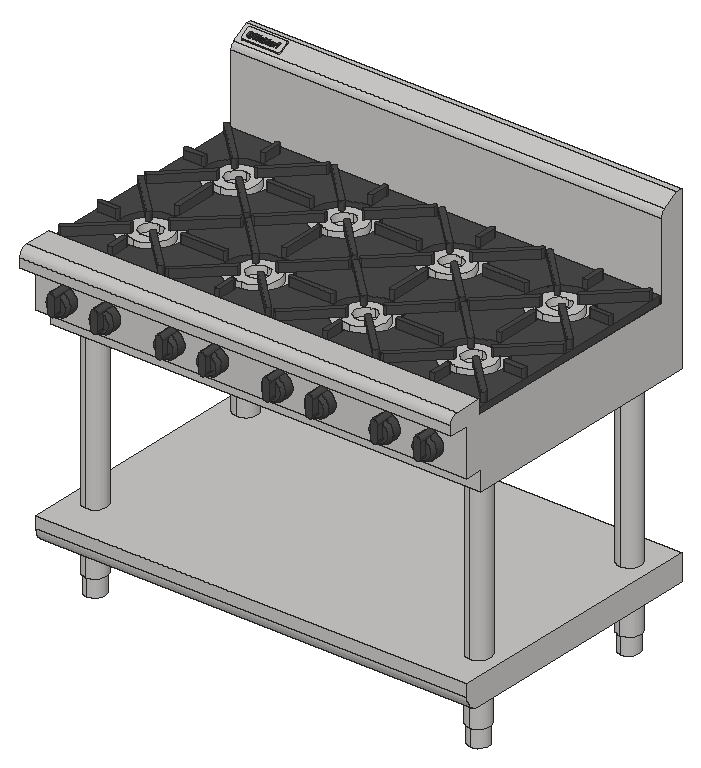
Revit family "QF_MOFFAT WALDORF_RN8800G-LS", category Specialty Equipment, Revit 2012 (continued)
Lines and regions (mm)
  symbolic lines
    curve 64: line (1009.563, -20.984, 0) -> (989.563, -20.984, 0)
    curve 65: arc (150, -153.418, 0) -> (234.082, -237.5, 0) -> (150, -321.582, 0) r 84.082
    curve 66: arc (150, -321.582, 0) -> (65.918, -237.5, 0) -> (150, -153.418, 0) r 84.082
    curve 67: arc (150, -294.5, 0) -> (207, -237.5, 0) -> (150, -180.5, 0) r 57
    curve 68: arc (150, -180.5, 0) -> (93, -237.5, 0) -> (150, -294.5, 0) r 57
    curve 69: arc (450, -321.582, 0) -> (365.918, -237.5, 0) -> (450, -153.418, 0) r 84.082
    curve 70: arc (450, -153.418, 0) -> (534.082, -237.5, 0) -> (450, -321.582, 0) r 84.082
    curve 71: arc (450, -180.5, 0) -> (393, -237.5, 0) -> (450, -294.5, 0) r 57
    curve 72: arc (450, -294.5, 0) -> (507, -237.5, 0) -> (450, -180.5, 0) r 57
    curve 73: arc (450, -621.582, 0) -> (365.918, -537.5, 0) -> (450, -453.418, 0) r 84.082
    curve 74: arc (450, -453.418, 0) -> (534.082, -537.5, 0) -> (450, -621.582, 0) r 84.082
    curve 75: arc (450, -480.5, 0) -> (393, -537.5, 0) -> (450, -594.5, 0) r 57
    curve 76: arc (450, -594.5, 0) -> (507, -537.5, 0) -> (450, -480.5, 0) r 57
    curve 77: arc (150, -453.418, 0) -> (234.082, -537.5, 0) -> (150, -621.582, 0) r 84.082
    curve 78: arc (150, -621.582, 0) -> (65.918, -537.5, 0) -> (150, -453.418, 0) r 84.082
    curve 79: arc (150, -594.5, 0) -> (207, -537.5, 0) -> (150, -480.5, 0) r 57
    curve 80: arc (150, -480.5, 0) -> (93, -537.5, 0) -> (150, -594.5, 0) r 57
    curve 81: arc (750, -153.418, 0) -> (834.082, -237.5, 0) -> (750, -321.582, 0) r 84.082
    curve 82: arc (750, -321.582, 0) -> (665.918, -237.5, 0) -> (750, -153.418, 0) r 84.082
    curve 83: arc (750, -294.5, 0) -> (807, -237.5, 0) -> (750, -180.5, 0) r 57
    curve 84: arc (750, -180.5, 0) -> (693, -237.5, 0) -> (750, -294.5, 0) r 57
    curve 85: arc (750, -453.418, 0) -> (834.082, -537.5, 0) -> (750, -621.582, 0) r 84.082
    curve 86: arc (750, -621.582, 0) -> (665.918, -537.5, 0) -> (750, -453.418, 0) r 84.082
    curve 87: arc (750, -594.5, 0) -> (807, -537.5, 0) -> (750, -480.5, 0) r 57
    curve 88: arc (750, -480.5, 0) -> (693, -537.5, 0) -> (750, -594.5, 0) r 57
    curve 89: arc (1050, -321.582, 0) -> (965.918, -237.5, 0) -> (1050, -153.418, 0) r 84.082
    curve 90: arc (1050, -153.418, 0) -> (1134.082, -237.5, 0) -> (1050, -321.582, 0) r 84.082
    curve 91: arc (1050, -294.5, 0) -> (1107, -237.5, 0) -> (1050, -180.5, 0) r 57
    curve 92: arc (1050, -180.5, 0) -> (993, -237.5, 0) -> (1050, -294.5, 0) r 57
    curve 93: arc (1050, -621.582, 0) -> (965.918, -537.5, 0) -> (1050, -453.418, 0) r 84.082
    curve 94: arc (1050, -453.418, 0) -> (1134.082, -537.5, 0) -> (1050, -621.582, 0) r 84.082
    curve 95: arc (1050, -480.5, 0) -> (993, -537.5, 0) -> (1050, -594.5, 0) r 57
    curve 96: arc (1050, -594.5, 0) -> (1107, -537.5, 0) -> (1050, -480.5, 0) r 57
    curve 97: line (149.548, -91.559, 0) -> (149.548, -150.474, 0)
    curve 98: line (292.985, -93.673, 0) -> (177.661, -208.996, 0)
    curve 99: line (6.308, -93.805, 0) -> (122.981, -210.478, 0)
    curve 100: line (4.051, -237.21, 0) -> (62.934, -237.21, 0)
    curve 101: line (237.206, -237.685, 0) -> (362.206, -237.685, 0)
    curve 102: line (177.414, -264.855, 0) -> (292.362, -379.803, 0)
    curve 103: line (121.919, -265.123, 0) -> (7.026, -380.016, 0)
    curve 104: line (149.925, -324.847, 0) -> (149.925, -444.847, 0)
    curve 105: line (149.548, -683.441, 0) -> (149.548, -624.526, 0)
    curve 106: line (292.985, -681.327, 0) -> (177.661, -566.004, 0)
    curve 107: line (6.308, -681.195, 0) -> (122.981, -564.522, 0)
    curve 108: line (4.051, -537.79, 0) -> (62.934, -537.79, 0)
    curve 109: line (237.206, -537.315, 0) -> (362.206, -537.315, 0)
    curve 110: line (177.414, -510.145, 0) -> (292.362, -395.197, 0)
    curve 111: line (121.919, -509.877, 0) -> (7.026, -394.984, 0)
    curve 112: line (450.452, -91.559, 0) -> (450.452, -150.474, 0)
    curve 113: line (307.015, -93.673, 0) -> (422.339, -208.996, 0)
    curve 114: line (593.692, -93.805, 0) -> (477.019, -210.478, 0)
    curve 115: line (422.586, -264.855, 0) -> (307.638, -379.803, 0)
    curve 116: line (478.081, -265.123, 0) -> (592.974, -380.016, 0)
    curve 117: line (450.075, -324.847, 0) -> (450.075, -444.847, 0)
    curve 118: line (450.452, -683.441, 0) -> (450.452, -624.526, 0)
    curve 119: line (307.015, -681.327, 0) -> (422.339, -566.004, 0)
    curve 120: line (593.692, -681.195, 0) -> (477.019, -564.522, 0)
    curve 121: line (362.794, -537.315, 0) -> (237.794, -537.315, 0)
    curve 122: line (422.586, -510.145, 0) -> (307.638, -395.197, 0)
    curve 123: line (478.081, -509.877, 0) -> (592.974, -394.984, 0)
    curve 124: arc (1050, -153.418, 0) -> (965.918, -237.5, 0) -> (1050, -321.582, 0) r 84.082
    curve 125: arc (1050, -321.582, 0) -> (1134.082, -237.5, 0) -> (1050, -153.418, 0) r 84.082
    curve 126: arc (1050, -294.5, 0) -> (993, -237.5, 0) -> (1050, -180.5, 0) r 57
    curve 127: arc (1050, -180.5, 0) -> (1107, -237.5, 0) -> (1050, -294.5, 0) r 57
    curve 128: arc (750, -321.582, 0) -> (834.082, -237.5, 0) -> (750, -153.418, 0) r 84.082
    curve 129: arc (750, -153.418, 0) -> (665.918, -237.5, 0) -> (750, -321.582, 0) r 84.082
    curve 130: arc (750, -180.5, 0) -> (807, -237.5, 0) -> (750, -294.5, 0) r 57
    curve 131: arc (750, -294.5, 0) -> (693, -237.5, 0) -> (750, -180.5, 0) r 57
    curve 132: arc (750, -621.582, 0) -> (834.082, -537.5, 0) -> (750, -453.418, 0) r 84.082
    curve 133: arc (750, -453.418, 0) -> (665.918, -537.5, 0) -> (750, -621.582, 0) r 84.082
    curve 134: arc (750, -480.5, 0) -> (807, -537.5, 0) -> (750, -594.5, 0) r 57
    curve 135: arc (750, -594.5, 0) -> (693, -537.5, 0) -> (750, -480.5, 0) r 57
    curve 136: arc (1050, -453.418, 0) -> (965.918, -537.5, 0) -> (1050, -621.582, 0) r 84.082
    curve 137: arc (1050, -621.582, 0) -> (1134.082, -537.5, 0) -> (1050, -453.418, 0) r 84.082
    curve 138: arc (1050, -594.5, 0) -> (993, -537.5, 0) -> (1050, -480.5, 0) r 57
    curve 139: arc (1050, -480.5, 0) -> (1107, -537.5, 0) -> (1050, -594.5, 0) r 57
    curve 140: line (1050.452, -91.559, 0) -> (1050.452, -150.474, 0)
    curve 141: line (907.015, -93.673, 0) -> (1022.339, -208.996, 0)
    curve 142: line (1195.949, -237.21, 0) -> (1137.066, -237.21, 0)
    curve 143: line (962.794, -237.685, 0) -> (837.794, -237.685, 0)
    curve 144: line (1022.586, -264.855, 0) -> (907.638, -379.803, 0)
    curve 145: line (1078.081, -265.123, 0) -> (1192.974, -380.016, 0)
    curve 146: line (1050.075, -324.847, 0) -> (1050.075, -444.847, 0)
    curve 147: line (1050.452, -683.441, 0) -> (1050.452, -624.526, 0)
    curve 148: line (907.015, -681.327, 0) -> (1022.339, -566.004, 0)
    curve 149: line (1193.692, -681.195, 0) -> (1077.019, -564.522, 0)
    curve 150: line (1195.949, -537.79, 0) -> (1137.066, -537.79, 0)
    curve 151: line (962.794, -537.315, 0) -> (837.794, -537.315, 0)
    curve 152: line (1022.586, -510.145, 0) -> (907.638, -395.197, 0)
    curve 153: line (1078.081, -509.877, 0) -> (1192.974, -394.984, 0)
    curve 154: line (749.548, -91.559, 0) -> (749.548, -150.474, 0)
    curve 155: line (892.985, -93.673, 0) -> (777.661, -208.996, 0)
    curve 156: line (606.308, -93.805, 0) -> (722.981, -210.478, 0)
    curve 157: line (777.414, -264.855, 0) -> (892.362, -379.803, 0)
    curve 158: line (721.919, -265.123, 0) -> (607.026, -380.016, 0)
    curve 159: line (749.925, -324.847, 0) -> (749.925, -444.847, 0)
    curve 160: line (749.548, -683.441, 0) -> (749.548, -624.526, 0)
    curve 161: line (892.985, -681.327, 0) -> (777.661, -566.004, 0)
    curve 162: line (606.308, -681.195, 0) -> (722.981, -564.522, 0)
    curve 163: line (837.206, -537.315, 0) -> (962.206, -537.315, 0)
    curve 164: line (777.414, -510.145, 0) -> (892.362, -395.197, 0)
    curve 165: line (721.919, -509.877, 0) -> (607.026, -394.984, 0)
    curve 166: line (1192.985, -93.673, 0) -> (1077.661, -208.996, 0)
    curve 167: line (537.5, -237.685, 0) -> (662.5, -237.685, 0)
    curve 168: line (663.089, -537.315, 0) -> (538.089, -537.315, 0)
    curve 169: line (0, -387.5, 0) -> (1200, -387.5, 0)
    curve 170: line (300.379, -70, 0) -> (300.379, -705, 0)
    curve 171: line (600, -70, 0) -> (600, -705, 0)
    curve 172: line (900, -70, 0) -> (900, -705, 0)
    curve 173: line (1200, -805, 0) -> (1200, 0, 0)
    curve 174: line (0, -805, 0) -> (1200, -805, 0)
    curve 175: line (0, 0, 0) -> (0, -805, 0)
    curve 176: line (1200, -705, 0) -> (0, -705, 0)
    curve 177: line (0, -70, 0) -> (1200, -70, 0)
    curve 178: line (1200, 0, 0) -> (0, 0, 0)
    curve 179: arc (150, -207.5, 0) -> (180, -237.5, 0) -> (150, -267.5, 0) r 30
    curve 180: arc (150, -267.5, 0) -> (120, -237.5, 0) -> (150, -207.5, 0) r 30
    curve 181: arc (450, -267.5, 0) -> (420, -237.5, 0) -> (450, -207.5, 0) r 30
    curve 182: arc (450, -207.5, 0) -> (480, -237.5, 0) -> (450, -267.5, 0) r 30
    curve 183: arc (750, -207.5, 0) -> (780, -237.5, 0) -> (750, -267.5, 0) r 30
    curve 184: arc (750, -267.5, 0) -> (720, -237.5, 0) -> (750, -207.5, 0) r 30
    curve 185: arc (1050, -267.5, 0) -> (1020, -237.5, 0) -> (1050, -207.5, 0) r 30
    curve 186: arc (1050, -207.5, 0) -> (1080, -237.5, 0) -> (1050, -267.5, 0) r 30
    curve 187: arc (1050, -567.5, 0) -> (1020, -537.5, 0) -> (1050, -507.5, 0) r 30
    curve 188: arc (1050, -507.5, 0) -> (1080, -537.5, 0) -> (1050, -567.5, 0) r 30
    curve 189: arc (750, -567.5, 0) -> (720, -537.5, 0) -> (750, -507.5, 0) r 30
    curve 190: arc (750, -507.5, 0) -> (780, -537.5, 0) -> (750, -567.5, 0) r 30
    curve 191: arc (450, -507.5, 0) -> (480, -537.5, 0) -> (450, -567.5, 0) r 30
    curve 192: arc (450, -567.5, 0) -> (420, -537.5, 0) -> (450, -507.5, 0) r 30
    curve 193: arc (150, -507.5, 0) -> (180, -537.5, 0) -> (150, -567.5, 0) r 30
    curve 194: arc (150, -567.5, 0) -> (120, -537.5, 0) -> (150, -507.5, 0) r 30
Dimensions and locks
  equal spacing: plane 3 "LEFT", plane 7 "Center Y", plane 4 "RIGHT"
  plane 3 "LEFT" to plane 4 "RIGHT" = 1200.0 mm
  equal spacing: plane 5 "FRONT", plane 8 "Center X", plane 1 "BACK"
  plane 5 "FRONT" to plane 1 "BACK" = 805.0 mm
  "Base Height": plane 9 "Base Height" to level
  plane 6 "TOP" to level = 1130.0 mm
  plane 10 to plane 11 = 1069.0 mm
  "Body Height": plane 12 to level
  Extrusion 7 sketch curve to plane 13 = 64.8 mm
  Revolve 13 sketch curve to Revolve 13 sketch curve to Revolve 15 = 11.0 mm locked, 23.0 mm locked
  level to Extrusion 4 = 655.0 mm
  aligned and locked: level to plane 2
  aligned and locked: Extrusion 1 to Revolve 13 sketch curve
  aligned and locked: Extrusion 25 to Extrusion 1
Automatic sketch dimensions
  curve 65 to curve 67 = 0.0 mm  (x2)
  curve 69 to curve 71 = 0.0 mm  (x2)
  curve 73 to curve 75 = 0.0 mm
  curve 74 to curve 76 = 0.0 mm
  curve 77 to curve 79 = 0.0 mm  (x2)
  curve 81 to curve 83 = 0.0 mm  (x2)
  curve 81 to curve 128 = 0.0 mm  (x3)
  curve 81 to curve 130 = 0.0 mm  (x2)
  curve 85 to curve 87 = 0.0 mm  (x2)
  curve 85 to curve 132 = 0.0 mm
  curve 85 to curve 134 = 0.0 mm  (x2)
  curve 86 to curve 133 = 0.0 mm
  curve 89 to curve 91 = 0.0 mm  (x2)
  curve 90 to curve 127 = 0.0 mm
  curve 91 to curve 126 = 0.0 mm  (x2)
  curve 93 to curve 95 = 0.0 mm  (x2)
  curve 94 to curve 136 = 0.0 mm
  curve 96 to curve 139 = 0.0 mm
  curve 125 to curve 127 = 0.0 mm  (x2)
  curve 137 to curve 139 = 0.0 mm  (x2)
  curve 171 to plane 7 "Center Y" = 0.0 mm
  curve 169 to plane 4 "RIGHT" = 0.0 mm
  plane 3 "LEFT" to curve 100 = 4.051 mm
  plane 3 "LEFT" to curve 108 = 4.051 mm
  plane 3 "LEFT" to curve 107 = 6.308 mm
  plane 3 "LEFT" to curve 99 = 6.308 mm
  plane 3 "LEFT" to curve 111 = 7.026 mm
  plane 3 "LEFT" to curve 103 = 7.026 mm
  plane 3 "LEFT" to curve 3 = 12.5 mm
  curve 100 to plane 11 = 2.066 mm
  curve 108 to plane 11 = 2.066 mm
  plane 11 to curve 4 = 56.5 mm
  plane 11 to curve 103 = 56.919 mm
  plane 11 to curve 111 = 56.919 mm
  curve 111 to curve 107 = 1.062 mm
  curve 103 to curve 99 = 1.062 mm
  curve 99 to curve 97 = 26.567 mm
  plane 11 to curve 105 = 84.548 mm
  curve 2 to curve 5 = 28.062 mm
  curve 103 to curve 104 = 28.006 mm
  curve 104 to curve 80 = 0.075 mm
  curve 104 to curve 68 = 0.075 mm
  curve 5 to curve 7 = 20.0 mm
  curve 65 to curve 102 = 27.414 mm
  curve 77 to curve 110 = 27.414 mm
  curve 67 to curve 98 = 27.661 mm
  curve 79 to curve 106 = 27.661 mm
  curve 6 to curve 9 = 40.0 mm
  curve 9 to curve 12 = 20.0 mm
  curve 102 to curve 101 = 59.792 mm
  curve 110 to curve 109 = 59.792 mm
  curve 109 to curve 121 = 0.589 mm  (x2)
  curve 10 to curve 13 = 40.0 mm
  curve 13 to curve 16 = 20.0 mm
  plane 8 "Center X" to curve 110 = 7.303 mm
  curve 104 to curve 110 = 142.437 mm
  plane 8 "Center X" to curve 102 = 22.697 mm
  curve 102 to curve 110 = 0.0 mm
  curve 105 to curve 106 = 143.437 mm
  plane 1 "BACK" to curve 98 = 93.673 mm
  curve 14 to curve 98 = 3.422 mm
  curve 14 to curve 170 = 10.817 mm
  curve 98 to curve 113 = 14.03 mm
  curve 106 to curve 119 = 14.03 mm
  plane 8 "Center X" to curve 122 = 7.303 mm
  curve 110 to curve 122 = 15.277 mm
  plane 8 "Center X" to curve 115 = 22.697 mm
  curve 102 to curve 115 = 15.277 mm
  curve 15 to curve 20 = 40.0 mm
  curve 17 to curve 19 = 20.0 mm
  curve 101 to curve 101 = 125.0 mm
  curve 121 to curve 109 = 124.411 mm
  curve 19 to curve 22 = 40.0 mm
  curve 21 to curve 23 = 20.0 mm
  curve 101 to curve 113 = 60.133 mm
  curve 121 to curve 119 = 59.544 mm
  curve 113 to curve 115 = 0.248 mm
  curve 119 to curve 122 = 0.248 mm
  curve 22 to curve 25 = 40.0 mm
  curve 122 to curve 73 = 27.414 mm
  curve 113 to curve 72 = 27.661 mm
  curve 74 to curve 117 = 0.075 mm
  curve 70 to curve 112 = 0.452 mm
  curve 73 to curve 118 = 0.452 mm
  curve 25 to curve 27 = 20.0 mm
  curve 73 to curve 120 = 27.019 mm
  curve 69 to curve 114 = 27.019 mm
  curve 73 to curve 123 = 28.081 mm
  curve 69 to curve 116 = 28.081 mm
  curve 26 to curve 30 = 40.0 mm
  curve 29 to curve 31 = 20.0 mm
  curve 167 to plane 7 "Center Y" = 62.5 mm
  curve 168 to plane 7 "Center Y" = 61.911 mm
  curve 33 to plane 7 "Center Y" = 30.437 mm
  curve 35 to plane 7 "Center Y" = 10.437 mm
  curve 123 to plane 7 "Center Y" = 7.026 mm
  curve 116 to plane 7 "Center Y" = 7.026 mm
  curve 120 to plane 7 "Center Y" = 6.308 mm
  curve 114 to plane 7 "Center Y" = 6.308 mm
  plane 7 "Center Y" to curve 156 = 6.308 mm
  plane 7 "Center Y" to curve 162 = 6.308 mm
  plane 7 "Center Y" to curve 165 = 7.026 mm
  plane 7 "Center Y" to curve 158 = 7.026 mm
  plane 7 "Center Y" to curve 37 = 29.563 mm
  curve 37 to curve 38 = 20.0 mm
  plane 7 "Center Y" to curve 167 = 62.5 mm
  plane 7 "Center Y" to curve 168 = 63.089 mm
  curve 38 to curve 41 = 40.0 mm
  curve 41 to curve 43 = 20.0 mm
  curve 167 to curve 158 = 59.419 mm
  curve 168 to curve 165 = 58.83 mm
  curve 158 to curve 156 = 1.062 mm
  curve 165 to curve 162 = 1.062 mm
  curve 162 to curve 160 = 26.567 mm
  curve 156 to curve 154 = 26.567 mm
  curve 43 to curve 45 = 40.0 mm
  curve 158 to curve 159 = 28.006 mm
  curve 159 to curve 128 = 0.075 mm
  curve 162 to curve 133 = 27.019 mm
  curve 45 to curve 47 = 20.0 mm
  curve 85 to curve 164 = 27.414 mm
  curve 81 to curve 157 = 27.414 mm
  curve 84 to curve 155 = 27.661 mm
  curve 134 to curve 161 = 27.661 mm
  curve 47 to curve 50 = 40.0 mm
  curve 49 to curve 51 = 20.0 mm
  curve 164 to curve 163 = 59.792 mm
  curve 163 to curve 151 = 0.589 mm  (x2)
  curve 157 to curve 143 = 60.381 mm
  curve 51 to curve 53 = 40.0 mm
  curve 53 to curve 55 = 20.0 mm
  plane 8 "Center X" to curve 164 = 7.303 mm
  curve 159 to curve 164 = 142.437 mm
  plane 8 "Center X" to curve 157 = 22.697 mm
  curve 157 to curve 164 = 0.0 mm
  curve 160 to curve 161 = 143.437 mm
  plane 1 "BACK" to curve 155 = 93.673 mm
  curve 54 to curve 155 = 3.422 mm
  curve 54 to curve 172 = 10.438 mm
  curve 161 to curve 148 = 14.03 mm
  plane 1 "BACK" to curve 141 = 93.673 mm
  curve 155 to curve 141 = 14.03 mm
  plane 8 "Center X" to curve 144 = 22.697 mm
  curve 157 to curve 144 = 15.277 mm
  plane 8 "Center X" to curve 152 = 7.303 mm
  curve 164 to curve 152 = 15.277 mm
  curve 55 to curve 58 = 40.0 mm
  curve 57 to curve 60 = 20.0 mm
  curve 151 to curve 163 = 124.411 mm
  curve 143 to curve 143 = 125.0 mm
  curve 59 to curve 62 = 40.0 mm
  curve 61 to curve 63 = 20.0 mm
  curve 143 to curve 141 = 59.544 mm
  curve 151 to curve 148 = 59.544 mm
  curve 148 to curve 152 = 0.248 mm
  curve 141 to curve 144 = 0.248 mm
  curve 148 to curve 139 = 27.661 mm
  curve 144 to curve 92 = 27.414 mm
  curve 125 to curve 146 = 0.075 mm
  curve 137 to curve 147 = 0.452 mm
  curve 62 to curve 140 = 40.89 mm
  curve 136 to curve 149 = 27.019 mm
  curve 126 to curve 166 = 27.661 mm
  curve 136 to curve 153 = 28.081 mm
  curve 124 to curve 145 = 28.081 mm
  plane 10 to curve 150 = 3.066 mm
  plane 10 to curve 142 = 3.066 mm
  plane 4 "RIGHT" to curve 145 = 7.026 mm
  plane 4 "RIGHT" to curve 153 = 7.026 mm
  plane 4 "RIGHT" to curve 166 = 7.015 mm
  plane 4 "RIGHT" to curve 149 = 6.308 mm
  plane 4 "RIGHT" to curve 150 = 4.051 mm
  plane 4 "RIGHT" to curve 142 = 4.051 mm
  curve 159 to plane 8 "Center X" = 42.347 mm
  curve 146 to plane 8 "Center X" = 42.347 mm
  curve 117 to plane 8 "Center X" = 42.347 mm
  curve 104 to plane 8 "Center X" = 42.347 mm
  curve 94 to curve 146 = 8.57 mm
  curve 73 to curve 117 = 8.57 mm
  curve 86 to curve 159 = 8.57 mm
  curve 137 to curve 94 = 0.0 mm
  curve 77 to curve 104 = 8.57 mm
  curve 133 to curve 86 = 0.0 mm
  curve 79 to curve 77 = 27.082 mm
  curve 96 to curve 93 = 27.082 mm
  curve 88 to curve 85 = 27.082 mm
  curve 75 to curve 73 = 27.082 mm
  curve 139 to curve 95 = 0.0 mm
  curve 135 to curve 87 = 0.0 mm
  curve 153 to curve 138 = 29.377 mm
  curve 123 to curve 75 = 29.377 mm
  curve 111 to curve 79 = 29.377 mm
  curve 165 to curve 134 = 29.377 mm
  curve 152 to curve 95 = 29.645 mm
  curve 122 to curve 76 = 29.645 mm
  curve 110 to curve 79 = 29.645 mm
  curve 164 to curve 88 = 29.645 mm
  curve 168 to curve 165 = 27.439 mm
  curve 151 to curve 164 = 27.171 mm
  curve 109 to curve 110 = 27.171 mm
  curve 163 to curve 151 = 0.0 mm
  curve 109 to curve 121 = 0.0 mm
  curve 73 to curve 122 = 27.355 mm
  curve 133 to curve 164 = 27.355 mm
  curve 95 to curve 152 = 27.355 mm
  curve 77 to curve 110 = 27.355 mm
  curve 150 to curve 153 = 27.913 mm
  curve 108 to curve 111 = 27.913 mm
  curve 149 to curve 136 = 27.022 mm
  curve 107 to curve 77 = 27.022 mm
  curve 120 to curve 73 = 27.022 mm
  curve 162 to curve 85 = 27.022 mm
  curve 95 to curve 148 = 28.496 mm
  curve 79 to curve 106 = 28.496 mm
  curve 75 to curve 119 = 28.496 mm
  curve 134 to curve 161 = 28.496 mm
  curve 118 to curve 74 = 2.944 mm
  curve 160 to curve 133 = 2.944 mm
  curve 105 to curve 78 = 2.944 mm
  curve 147 to curve 137 = 2.944 mm
  curve 107 to plane 5 "FRONT" = 123.805 mm
  curve 120 to curve 162 = 0.0 mm
  curve 149 to plane 5 "FRONT" = 123.805 mm
  curve 161 to curve 148 = 0.0 mm
  curve 106 to plane 5 "FRONT" = 123.673 mm
  curve 106 to curve 119 = 0.0 mm
  curve 105 to curve 105 = 58.914 mm
  curve 147 to curve 147 = 58.914 mm
  curve 118 to curve 118 = 58.914 mm
  curve 160 to curve 160 = 58.914 mm
  curve 172 to curve 148 = 23.673 mm
  curve 170 to curve 119 = 23.673 mm
  curve 171 to curve 162 = 23.805 mm
  plane 8 "Center X" to curve 123 = 7.516 mm
  plane 8 "Center X" to curve 153 = 7.516 mm
  plane 8 "Center X" to curve 165 = 7.516 mm
  plane 8 "Center X" to curve 111 = 7.516 mm
  curve 153 to curve 169 = 7.484 mm
  curve 165 to curve 158 = 14.968 mm
  curve 169 to curve 103 = 7.484 mm
  curve 169 to curve 145 = 7.484 mm
  curve 116 to curve 158 = 0.0 mm
  plane 8 "Center X" to curve 117 = 77.653 mm
  plane 8 "Center X" to curve 104 = 77.653 mm
  plane 8 "Center X" to curve 159 = 77.653 mm
  plane 8 "Center X" to curve 146 = 77.653 mm
  curve 104 to curve 65 = 3.265 mm
  curve 159 to curve 128 = 3.265 mm
  curve 146 to curve 90 = 3.265 mm
  curve 117 to curve 70 = 3.265 mm
  curve 125 to curve 90 = 0.0 mm
  curve 81 to curve 130 = 27.082 mm
  curve 84 to curve 131 = 0.0 mm
  curve 89 to curve 126 = 27.082 mm
  curve 65 to curve 68 = 27.082 mm
  curve 69 to curve 72 = 27.082 mm
  curve 127 to curve 145 = 29.377 mm
  curve 84 to curve 158 = 29.377 mm
  curve 68 to curve 103 = 29.377 mm
  curve 72 to curve 116 = 29.377 mm
  curve 130 to curve 157 = 29.645 mm
  curve 92 to curve 144 = 29.645 mm
  curve 67 to curve 102 = 29.645 mm
  curve 71 to curve 115 = 29.645 mm
  curve 102 to curve 101 = 27.171 mm
  curve 157 to curve 143 = 27.171 mm
  curve 116 to curve 167 = 27.439 mm
  curve 102 to curve 68 = 27.355 mm
  curve 115 to curve 69 = 27.355 mm
  curve 157 to curve 83 = 27.355 mm
  curve 144 to curve 127 = 27.355 mm
  curve 103 to curve 100 = 27.913 mm
  curve 145 to curve 142 = 27.913 mm
  curve 81 to curve 156 = 27.022 mm
  curve 69 to curve 114 = 27.022 mm
  curve 65 to curve 99 = 27.022 mm
  curve 166 to curve 126 = 28.496 mm
  curve 98 to curve 67 = 28.496 mm
  curve 113 to curve 72 = 28.496 mm
  curve 155 to curve 84 = 28.496 mm
  curve 141 to curve 91 = 28.496 mm
  curve 82 to curve 154 = 2.944 mm
  curve 66 to curve 97 = 2.944 mm
  curve 125 to curve 140 = 2.944 mm
  curve 70 to curve 112 = 2.944 mm
  plane 1 "BACK" to curve 99 = 93.805 mm
  curve 114 to curve 156 = 0.0 mm
  plane 1 "BACK" to curve 166 = 93.673 mm
  curve 97 to curve 97 = 58.914 mm
  curve 112 to curve 112 = 58.914 mm
  curve 154 to curve 154 = 58.914 mm
  curve 140 to curve 140 = 58.914 mm
  curve 156 to curve 171 = 23.805 mm
  curve 141 to curve 172 = 23.673 mm
  curve 113 to curve 170 = 23.673 mm
  curve 97 to curve 2 = 39.499 mm
  curve 170 to curve 18 = 19.218 mm
  plane 1 "BACK" to curve 41 = 50.782 mm
  plane 1 "BACK" to curve 62 = 50.782 mm
  curve 18 to curve 21 = 0.0 mm
  curve 42 to curve 45 = 0.0 mm
  curve 23 to curve 25 = 0.0 mm
  curve 47 to curve 49 = 0.0 mm
  curve 26 to curve 29 = 0.0 mm
  curve 39 to curve 41 = 0.0 mm
  curve 171 to curve 33 = 19.218 mm
  curve 2 to curve 5 = 1.278 mm
  curve 172 to curve 53 = 19.218 mm
  curve 172 to curve 57 = 19.218 mm
  curve 170 to curve 15 = 19.218 mm
  curve 7 to curve 12 = 0.0 mm
  plane 1 "BACK" to curve 1 = 21.784 mm
  plane 1 "BACK" to curve 63 = 20.984 mm
  plane 1 "BACK" to curve 39 = 20.984 mm
  plane 1 "BACK" to curve 9 = 20.984 mm
  plane 1 "BACK" to curve 7 = 20.984 mm
  plane 1 "BACK" to curve 13 = 20.984 mm
  plane 1 "BACK" to curve 35 = 20.984 mm
  plane 1 "BACK" to curve 59 = 20.984 mm
  plane 1 "BACK" to curve 56 = 20.984 mm
  plane 1 "BACK" to curve 52 = 20.984 mm
  plane 1 "BACK" to curve 17 = 20.984 mm
  plane 1 "BACK" to curve 32 = 20.984 mm
  plane 1 "BACK" to curve 28 = 20.984 mm
  plane 1 "BACK" to curve 23 = 20.984 mm
  plane 1 "BACK" to curve 47 = 20.984 mm
  plane 1 "BACK" to curve 44 = 20.984 mm
  plane 5 "FRONT" to curve 173 = 0.0 mm
  curve 174 to plane 3 "LEFT" = 0.0 mm
  plane 1 "BACK" to curve 175 = 0.0 mm
  Extrusion 1 sketch curve to plane 5 "FRONT" = 0.0 mm
  Extrusion 1 sketch curve to plane 1 "BACK" = 0.0 mm  (x2)
  Extrusion 1 sketch curve to plane 5 "FRONT" = 24.0 mm
  Extrusion 1 sketch curve to plane 5 "FRONT" = 56.0 mm  (x2)
  Extrusion 1 sketch curve to Extrusion 1 sketch curve = 44.0 mm
  plane 1 "BACK" to Extrusion 1 sketch curve = 70.0 mm
  Extrusion 1 sketch curve to Extrusion 1 sketch curve = 11.291 mm  (x2)
  Extrusion 1 sketch curve to Extrusion 1 sketch curve = 16.5 mm
  Extrusion 1 sketch curve to plane 12 = 235.0 mm
  Extrusion 1 sketch curve to plane 6 "TOP" = 264.0 mm
  Extrusion 1 sketch curve to plane 6 "TOP" = 255.0 mm
  Extrusion 1 sketch curve to Extrusion 1 sketch curve = 25.0 mm
  Extrusion 1 sketch curve to Extrusion 1 sketch curve = 211.074 mm
  Extrusion 1 sketch curve to Extrusion 1 sketch curve = 24.369 mm
  Revolve 2 sketch curve to plane 6 "TOP" = 332.895 mm
  Revolve 2 sketch curve to plane 5 "FRONT" = 56.0 mm
  Revolve 2 sketch curve to plane 6 "TOP" = 300.395 mm
  Revolve 2 sketch curve to Revolve 2 sketch curve = 10.0 mm
  Revolve 2 sketch curve to Revolve 2 sketch curve = 21.3 mm
  Revolve 2 sketch curve to plane 5 "FRONT" = 23.0 mm
  Revolve 2 sketch curve to plane 5 "FRONT" = 12.0 mm
  Revolve 2 sketch curve to Revolve 2 sketch curve = 0.0 mm  (x2)
  Revolve 2 sketch curve to Revolve 2 sketch curve = 5.0 mm
  Revolve 2 sketch curve to plane 6 "TOP" = 306.243 mm
  Extrusion 3 sketch curve to plane 6 "TOP" = 306.0 mm
  plane 11 to Extrusion 3 sketch curve = 135.0 mm
  Extrusion 3 sketch curve to Extrusion 3 sketch curve = 10.0 mm
  Extrusion 3 sketch curve to plane 6 "TOP" = 344.997 mm
  plane 1 "BACK" to Extrusion 4 sketch curve = 32.0 mm
  Extrusion 4 sketch curve to plane 10 = 64.0 mm
  Revolve 5 sketch curve to plane 5 "FRONT" = 12.0 mm
  Revolve 5 sketch curve to Revolve 5 sketch curve = 0.0 mm  (x2)
  Revolve 5 sketch curve to Revolve 5 sketch curve = 11.0 mm
  Revolve 5 sketch curve to Revolve 5 sketch curve = 12.7 mm
  Revolve 5 sketch curve to Revolve 5 sketch curve = 23.0 mm
  Revolve 5 sketch curve to Revolve 5 sketch curve = 10.0 mm
  Revolve 5 sketch curve to plane 6 "TOP" = 300.627 mm
  Revolve 5 sketch curve to plane 6 "TOP" = 306.475 mm
  Revolve 5 sketch curve to plane 6 "TOP" = 328.127 mm
  Revolve 5 sketch curve to plane 6 "TOP" = 333.127 mm
  Extrusion 6 sketch curve to plane 6 "TOP" = 306.0 mm
  plane 11 to Extrusion 6 sketch curve = 35.0 mm
  Extrusion 6 sketch curve to Extrusion 6 sketch curve = 10.0 mm
  Extrusion 6 sketch curve to plane 6 "TOP" = 345.0 mm
  Extrusion 1 to Extrusion 7 sketch curve = 1.0 mm  (x2)
  Extrusion 7 sketch curve to Extrusion 7 sketch curve = 3.0 mm
  Extrusion 1 to Extrusion 7 sketch curve = 4.0 mm
  Extrusion 1 to Extrusion 7 sketch curve = 167.5 mm  (x4)
  Extrusion 7 sketch curve to Extrusion 1 = 167.5 mm  (x4)
  Extrusion 7 sketch curve to Extrusion 1 = 4.0 mm  (x2)
  Extrusion 7 sketch curve to Extrusion 1 = 1.0 mm
  Extrusion 1 to Extrusion 7 sketch curve = 150.0 mm  (x4)
  Extrusion 7 sketch curve to Extrusion 7 sketch curve = 0.0 mm
  Extrusion 8 sketch curve to Extrusion 7 = 22.602 mm  (x8)
  Extrusion 8 sketch curve to Extrusion 7 = 25.398 mm  (x8)
  Extrusion 8 sketch curve to Extrusion 8 sketch curve = 4.525 mm  (x64)
  Extrusion 8 sketch curve to Extrusion 8 sketch curve = 49.204 mm  (x7)
  Extrusion 8 sketch curve to Extrusion 8 sketch curve = 55.923 mm  (x30)
  Extrusion 8 sketch curve to Extrusion 8 sketch curve = 0.0 mm  (x26)
  Extrusion 8 sketch curve to Extrusion 8 sketch curve = 20.524 mm  (x22)
  Extrusion 8 sketch curve to Extrusion 8 sketch curve = 6.4 mm  (x22)
  Extrusion 8 sketch curve to Extrusion 8 sketch curve = 53.847 mm  (x32)
  Extrusion 8 sketch curve to Extrusion 7 = 5.102 mm  (x5)
  Extrusion 8 sketch curve to Extrusion 8 sketch curve = 128.447 mm  (x14)
  Extrusion 8 sketch curve to Extrusion 7 = 14.153 mm  (x2)
  Extrusion 8 sketch curve to Extrusion 8 sketch curve = 12.205 mm  (x20)
  Extrusion 8 sketch curve to Extrusion 8 sketch curve = 116.204 mm  (x10)
  Extrusion 8 sketch curve to Extrusion 7 = 7.898 mm  (x4)
  Extrusion 8 sketch curve to Extrusion 7 = 31.653 mm  (x5)
  Extrusion 8 sketch curve to Extrusion 7 = 57.102 mm
  Extrusion 1 to Split face 1 sketch curve = 5.177 mm
  Split face 1 sketch curve to Extrusion 1 = 9.153 mm
  Split face 1 sketch curve to Extrusion 1 = 149.562 mm
  Split face 1 sketch curve to Split face 1 sketch curve = 20.0 mm
  Revolve 9 sketch curve to plane 6 "TOP" = 332.895 mm
  Revolve 9 sketch curve to plane 5 "FRONT" = 56.0 mm
  Revolve 9 sketch curve to plane 6 "TOP" = 300.395 mm
  Revolve 9 sketch curve to Revolve 9 sketch curve = 10.0 mm
  Revolve 9 sketch curve to Revolve 9 sketch curve = 21.3 mm
  Revolve 9 sketch curve to plane 5 "FRONT" = 23.0 mm
  Revolve 9 sketch curve to plane 5 "FRONT" = 12.0 mm
  Revolve 9 sketch curve to Revolve 9 sketch curve = 0.0 mm  (x2)
  Revolve 9 sketch curve to Revolve 9 sketch curve = 5.0 mm
  Revolve 9 sketch curve to plane 6 "TOP" = 306.243 mm
  Extrusion 10 sketch curve to plane 6 "TOP" = 306.0 mm
  Extrusion 10 sketch curve to plane 7 "Center Y" = 100.0 mm
  Extrusion 10 sketch curve to Extrusion 10 sketch curve = 10.0 mm
  Extrusion 10 sketch curve to plane 6 "TOP" = 344.997 mm
  Revolve 11 sketch curve to plane 5 "FRONT" = 12.0 mm
  Revolve 11 sketch curve to Revolve 11 sketch curve = 0.0 mm  (x2)
  Revolve 11 sketch curve to Revolve 11 sketch curve = 11.0 mm
  Revolve 11 sketch curve to Revolve 11 sketch curve = 12.7 mm
  Revolve 11 sketch curve to Revolve 11 sketch curve = 23.0 mm
  Revolve 11 sketch curve to Revolve 11 sketch curve = 10.0 mm
  Revolve 11 sketch curve to plane 6 "TOP" = 300.627 mm
  Revolve 11 sketch curve to plane 6 "TOP" = 306.475 mm
  Revolve 11 sketch curve to plane 6 "TOP" = 328.127 mm
  Revolve 11 sketch curve to plane 6 "TOP" = 333.127 mm
  Extrusion 12 sketch curve to plane 6 "TOP" = 306.0 mm
  Extrusion 12 sketch curve to plane 7 "Center Y" = 200.0 mm
  Extrusion 12 sketch curve to Extrusion 12 sketch curve = 10.0 mm
  Extrusion 12 sketch curve to plane 6 "TOP" = 345.0 mm
  Revolve 13 sketch curve to Revolve 13 sketch curve = 23.0 mm
  Revolve 13 sketch curve to Revolve 13 sketch curve = 12.7 mm
  Revolve 13 sketch curve to Revolve 13 sketch curve = 0.0 mm
  Revolve 13 sketch curve to plane 6 "TOP" = 332.895 mm  (x2)
  Revolve 13 sketch curve to Revolve 13 sketch curve = 5.0 mm
  Revolve 13 sketch curve to plane 6 "TOP" = 306.243 mm
  Revolve 13 sketch curve to Revolve 13 sketch curve = 5.849 mm
  Extrusion 14 sketch curve to plane 6 "TOP" = 306.0 mm
  plane 7 "Center Y" to Extrusion 14 sketch curve = 199.375 mm
  Extrusion 14 sketch curve to Extrusion 14 sketch curve = 10.0 mm
  Extrusion 14 sketch curve to plane 6 "TOP" = 344.997 mm
  Revolve 15 sketch curve to plane 5 "FRONT" = 12.0 mm
  Revolve 15 sketch curve to Revolve 15 sketch curve = 0.0 mm  (x2)
  Revolve 15 sketch curve to Revolve 15 sketch curve = 11.0 mm
  Revolve 15 sketch curve to Revolve 15 sketch curve = 12.7 mm
  Revolve 15 sketch curve to Revolve 15 sketch curve = 23.0 mm
  Revolve 15 sketch curve to Revolve 15 sketch curve = 10.0 mm
  Revolve 15 sketch curve to plane 6 "TOP" = 300.627 mm
  Revolve 15 sketch curve to plane 6 "TOP" = 306.475 mm
  Revolve 15 sketch curve to plane 6 "TOP" = 328.127 mm
  Revolve 15 sketch curve to plane 6 "TOP" = 333.127 mm
  Extrusion 16 sketch curve to plane 6 "TOP" = 306.0 mm
  plane 7 "Center Y" to Extrusion 16 sketch curve = 99.375 mm
  Extrusion 16 sketch curve to Extrusion 16 sketch curve = 10.0 mm
  Extrusion 16 sketch curve to plane 6 "TOP" = 345.0 mm
  Revolve 17 sketch curve to plane 6 "TOP" = 332.895 mm
  Revolve 17 sketch curve to plane 5 "FRONT" = 56.0 mm
  Revolve 17 sketch curve to plane 6 "TOP" = 300.395 mm
  Revolve 17 sketch curve to Revolve 17 sketch curve = 10.0 mm
  Revolve 17 sketch curve to Revolve 17 sketch curve = 21.3 mm
  Revolve 17 sketch curve to plane 5 "FRONT" = 23.0 mm
  Revolve 17 sketch curve to plane 5 "FRONT" = 12.0 mm
  Revolve 17 sketch curve to Revolve 17 sketch curve = 0.0 mm  (x2)
  Revolve 17 sketch curve to plane 6 "TOP" = 306.243 mm
  Revolve 17 sketch curve to Revolve 17 sketch curve = 5.0 mm
  Extrusion 18 sketch curve to plane 6 "TOP" = 306.0 mm
  Extrusion 18 sketch curve to plane 10 = 134.0 mm
  Extrusion 18 sketch curve to Extrusion 18 sketch curve = 10.0 mm
  Extrusion 18 sketch curve to plane 6 "TOP" = 344.997 mm
  Revolve 19 sketch curve to plane 5 "FRONT" = 12.0 mm
  Revolve 19 sketch curve to Revolve 19 sketch curve = 0.0 mm
  Revolve 19 sketch curve to Revolve 19 sketch curve = 11.0 mm
  Revolve 19 sketch curve to Revolve 19 sketch curve = 12.7 mm
  Revolve 19 sketch curve to Revolve 19 sketch curve = 23.0 mm
  Revolve 19 sketch curve to Revolve 19 sketch curve = 10.0 mm
  Revolve 19 sketch curve to plane 6 "TOP" = 333.127 mm  (x2)
  Revolve 19 sketch curve to Revolve 19 sketch curve = 5.0 mm
  Revolve 19 sketch curve to plane 6 "TOP" = 306.475 mm
  Revolve 19 sketch curve to Revolve 19 sketch curve = 5.849 mm
  Extrusion 20 sketch curve to plane 6 "TOP" = 306.0 mm
  Extrusion 20 sketch curve to plane 10 = 34.0 mm
  Extrusion 20 sketch curve to Extrusion 20 sketch curve = 10.0 mm
  Extrusion 20 sketch curve to plane 6 "TOP" = 345.0 mm
  Extrusion 1 to Split face 2 sketch curve = 5.177 mm
  Split face 2 sketch curve to Extrusion 1 = 9.153 mm
  Split face 2 sketch curve to Extrusion 1 = 209.562 mm
  Split face 2 sketch curve to Split face 2 sketch curve = 20.0 mm
  Extrusion 1 to Split face 3 sketch curve = 5.177 mm
  Split face 3 sketch curve to Extrusion 1 = 9.153 mm
  Split face 3 sketch curve to Extrusion 1 = 269.562 mm
  Split face 3 sketch curve to Split face 3 sketch curve = 20.0 mm
  Extrusion 1 to Split face 4 sketch curve = 5.177 mm
  Split face 4 sketch curve to Extrusion 1 = 9.153 mm
  Split face 4 sketch curve to Extrusion 1 = 329.562 mm
  Split face 4 sketch curve to Split face 4 sketch curve = 20.0 mm
  Extrusion 1 to Split face 5 sketch curve = 5.177 mm
  Split face 5 sketch curve to Extrusion 1 = 9.153 mm
  Split face 5 sketch curve to Extrusion 1 = 389.563 mm
  Split face 5 sketch curve to Split face 5 sketch curve = 20.0 mm
  Extrusion 1 to Split face 6 sketch curve = 5.177 mm
  Split face 6 sketch curve to Extrusion 1 = 9.153 mm
  Split face 6 sketch curve to Extrusion 1 = 449.563 mm
  Split face 6 sketch curve to Split face 6 sketch curve = 20.0 mm
  Extrusion 1 to Split face 7 sketch curve = 5.177 mm
  Split face 7 sketch curve to Extrusion 1 = 9.153 mm
  Split face 7 sketch curve to Extrusion 1 = 509.563 mm
  Split face 7 sketch curve to Split face 7 sketch curve = 20.0 mm
  Extrusion 1 to Split face 8 sketch curve = 5.177 mm
  Split face 8 sketch curve to Extrusion 1 = 9.153 mm
  Split face 8 sketch curve to Extrusion 1 = 569.563 mm
  Split face 8 sketch curve to Split face 8 sketch curve = 20.0 mm
  Extrusion 1 to Split face 9 sketch curve = 5.177 mm
  Split face 9 sketch curve to Extrusion 1 = 9.153 mm
  Split face 9 sketch curve to Extrusion 1 = 570.437 mm
  Split face 9 sketch curve to Split face 9 sketch curve = 20.0 mm
  Extrusion 1 to Split face 10 sketch curve = 5.177 mm
  Split face 10 sketch curve to Extrusion 1 = 9.153 mm
  Split face 10 sketch curve to Extrusion 1 = 510.437 mm
  Split face 10 sketch curve to Split face 10 sketch curve = 20.0 mm
  Extrusion 1 to Split face 11 sketch curve = 5.177 mm
  Split face 11 sketch curve to Extrusion 1 = 9.153 mm
  Split face 11 sketch curve to Extrusion 1 = 450.437 mm
  Split face 11 sketch curve to Split face 11 sketch curve = 20.0 mm
  Extrusion 1 to Split face 12 sketch curve = 5.177 mm
  Split face 12 sketch curve to Extrusion 1 = 9.153 mm
  Split face 12 sketch curve to Extrusion 1 = 390.437 mm
  Split face 12 sketch curve to Split face 12 sketch curve = 20.0 mm
  Extrusion 1 to Split face 13 sketch curve = 5.177 mm
  Split face 13 sketch curve to Extrusion 1 = 9.153 mm
  Split face 13 sketch curve to Extrusion 1 = 330.437 mm
  Split face 13 sketch curve to Split face 13 sketch curve = 20.0 mm
  Extrusion 1 to Split face 14 sketch curve = 5.177 mm
  Split face 14 sketch curve to Extrusion 1 = 9.153 mm
  Split face 14 sketch curve to Extrusion 1 = 270.437 mm
  Split face 14 sketch curve to Split face 14 sketch curve = 20.0 mm
  Extrusion 1 to Split face 15 sketch curve = 5.177 mm
  Split face 15 sketch curve to Extrusion 1 = 9.153 mm
  Split face 15 sketch curve to Extrusion 1 = 210.437 mm
  Split face 15 sketch curve to Split face 15 sketch curve = 20.0 mm
  Extrusion 1 sketch curve to Extrusion 1 sketch curve = 50.0 mm
  Extrusion 1 sketch curve to Extrusion 1 sketch curve = 55.0 mm
  Extrusion 1 sketch curve to plane 9 "Base Height" = 0.0 mm
  Extrusion 1 sketch curve to Extrusion 1 sketch curve = 38.0 mm
  Extrusion 1 sketch curve to Extrusion 1 sketch curve = 34.5 mm
  Revolve 21 sketch curve to plane 9 "Base Height" = 0.0 mm
  Revolve 21 sketch curve to level = 0.0 mm
  level to Revolve 21 sketch curve = 50.0 mm
  plane 1 "BACK" to Revolve 21 sketch curve = 131.75 mm
  Revolve 21 sketch curve to Revolve 21 sketch curve = 4.25 mm
  Revolve 21 sketch curve to Revolve 21 sketch curve = 27.5 mm  (x2)
  Revolve 21 sketch curve to Revolve 21 sketch curve = 55.0 mm
  Revolve 21 sketch curve to Revolve 21 sketch curve = 0.0 mm
  Revolve 22 sketch curve to plane 9 "Base Height" = 0.0 mm
  Revolve 22 sketch curve to level = 0.0 mm
  level to Revolve 22 sketch curve = 50.0 mm
  Revolve 22 sketch curve to plane 5 "FRONT" = 148.25 mm
  Revolve 22 sketch curve to Revolve 22 sketch curve = 4.25 mm
  Revolve 22 sketch curve to Revolve 22 sketch curve = 27.5 mm  (x2)
  Revolve 22 sketch curve to Revolve 22 sketch curve = 55.0 mm
  Revolve 22 sketch curve to Revolve 22 sketch curve = 0.0 mm
  Revolve 23 sketch curve to plane 9 "Base Height" = 0.0 mm
  Revolve 23 sketch curve to level = 0.0 mm
  level to Revolve 23 sketch curve = 50.0 mm
  plane 1 "BACK" to Revolve 23 sketch curve = 131.75 mm
  Revolve 23 sketch curve to Revolve 23 sketch curve = 4.25 mm
  Revolve 23 sketch curve to Revolve 23 sketch curve = 27.5 mm  (x2)
  Revolve 23 sketch curve to Revolve 23 sketch curve = 0.0 mm
  Revolve 23 sketch curve to Revolve 23 sketch curve = 55.0 mm
  Revolve 24 sketch curve to plane 9 "Base Height" = 0.0 mm
  Revolve 24 sketch curve to level = 0.0 mm
  level to Revolve 24 sketch curve = 50.0 mm
  Revolve 24 sketch curve to plane 5 "FRONT" = 148.25 mm
  Revolve 24 sketch curve to Revolve 24 sketch curve = 4.25 mm
  Revolve 24 sketch curve to Revolve 24 sketch curve = 27.5 mm  (x2)
  Revolve 24 sketch curve to Revolve 24 sketch curve = 0.0 mm
  Revolve 24 sketch curve to Revolve 24 sketch curve = 55.0 mm
  Extrusion 1 to Extrusion 25 sketch curve = 100.0 mm  (x2)
  Extrusion 1 to Extrusion 25 sketch curve = 124.0 mm  (x2)
  Extrusion 1 to Extrusion 25 sketch curve = 65.052 mm  (x4)
  Extrusion 7 sketch curve to Extrusion 7 sketch curve = 300.0 mm  (x3)
  Extrusion 26 sketch curve to Extrusion 26 sketch curve = 0.0 mm  (x98)
  Extrusion 1 to Extrusion 26 sketch curve = 110.5 mm  (x4)
  Extrusion 26 sketch curve to Extrusion 26 sketch curve = 27.0 mm  (x8)
  Extrusion 26 sketch curve to Extrusion 26 sketch curve = 30.0 mm  (x8)
  Extrusion 26 sketch curve to Extrusion 26 sketch curve = 186.0 mm  (x4)
  Extrusion 1 to Extrusion 26 sketch curve = 150.0 mm  (x4)
  Extrusion 26 sketch curve to Extrusion 26 sketch curve = 300.0 mm  (x2)
  curve 65 to curve 179 = 0.0 mm  (x2)
  curve 67 to curve 179 = 27.0 mm
  curve 69 to curve 181 = 0.0 mm  (x2)
  curve 71 to curve 182 = 27.0 mm
  curve 81 to curve 183 = 0.0 mm  (x2)
  curve 83 to curve 183 = 27.0 mm
  curve 89 to curve 185 = 0.0 mm  (x2)
  curve 91 to curve 186 = 27.0 mm
  curve 93 to curve 187 = 0.0 mm  (x2)
  curve 95 to curve 187 = 27.0 mm
  curve 85 to curve 189 = 0.0 mm  (x2)
  curve 87 to curve 189 = 27.0 mm
  curve 73 to curve 191 = 0.0 mm  (x2)
  curve 75 to curve 191 = 27.0 mm
  curve 77 to curve 193 = 0.0 mm  (x2)
  curve 79 to curve 194 = 27.0 mm
  radius of Extrusion 4 sketch curve = 13.5 mm
  radius of Extrusion 7 sketch curve = 84.082 mm  (x8)
  radius of Extrusion 25 sketch curve = 31.75 mm  (x4)
Nested families
  nested 1: "RN8800G-LS-CASTERS" at (65, -100, 0), Show Casters <- "Show Casters", visible <- "Show Casters", type "RN8800G-LS-CASTERS"
    with Type Mark "", Status "", Specification by User "", Show Casters no, Revision Code "", Item Number "", Installed By "", Identify Quantity as Lot yes, Furnished By "", Foodservice Equipment Identifier yes
  nested 2: "RN8800G-LS-CASTERS" at (1134, -100, 0), Show Casters <- "Show Casters", visible <- "Show Casters", type "RN8800G-LS-CASTERS"
    with Type Mark "", Status "", Specification by User "", Show Casters no, Revision Code "", Item Number "", Installed By "", Identify Quantity as Lot yes, Furnished By "", Foodservice Equipment Identifier yes
  nested 3: "WALDORF LOGO_FACE BASE" at (12.125, -22.129, 1126.75) x (1, 0, 0) z (0, -0.5, 0.866), visible <- "Show Logo", type "WALDORF LOGO_FACE BASE", detail levels medium+fine
    with Show Logo yes
Connectors
  piping at (1070, -32, 655)
    settings: on Extrusion 4, index 1, connector radius 0.37402", flow factor 0, pipe flow 0 GPM, pressure drop 0.00 psi, fitting loss kfactor 0, connector angle 0.00°, fixture units 0, engagement length 0.0 mm, flow configuration 1, flow direction 1, fitting loss method 0, system type 7, joint type 0, gender type 0, connector reference index -1, connector utility 0, adjustable connector no, is connector primary yes, fitting loss table "", connector description "GAS CONNECTION"
Definition of nested family "WALDORF LOGO_FACE BASE"
  Parameters (values of type "WALDORF LOGO_FACE BASE")
    Show Logo [instance] = yes
    Default Elevation = 1219.2 mm
  Reference planes
    plane 1 "Center (Front/Back)": y = 0
    plane 2: z = 0
    plane 3 "Center (Left/Right)": x = 0
  Forms (mm)
    Extrusion 1, solid
      sketch origin (0, 0, 0) x (1, 0, 0) y (0, 1, 0)
        loop
          line (-1219.2, 1219.2) -> (-1219.2, -1219.2) -> (1219.2, -1219.2) -> (1219.2, 1219.2) -> (-1219.2, 1219.2)
      from 0 to -304.8
    Extrusion 2, solid, material "QF_Finishes_Stainless Steel", visible <- "Show Logo"
      sketch origin (0, -33.217, 0) x (1, 0, 0) y (0, 1, 0)
        loop
          arc (5, 34.14) -> (1.464, 32.676) -> (0, 29.14) r 5
          line (0, 29.14) -> (0, 5)
          arc (0, 5) -> (1.464, 1.464) -> (5, 0) r 5
          line (5, 0) -> (104, 0)
          arc (104, 0) -> (107.536, 1.464) -> (109, 5) r 5
          line (109, 5) -> (109, 29.14)
          arc (109, 29.14) -> (107.536, 32.676) -> (104, 34.14) r 5
          line (104, 34.14) -> (5, 34.14)
      from 0 to 1.588
    Extrusion 3, solid, material "QF_Finishes_Black", visible <- "Show Logo"
      sketch origin (0, -33.217, 1.588) x (1, 0, 0) y (0, 1, 0)
        loop
          line (24.772, 23.214) -> (27.992, 10.301) -> (31.551, 10.301) -> (33.443, 17.364) -> (35.205, 10.301) -> (39.332, 10.301) -> (42.077, 23.214) -> (38.352, 23.214) -> (36.676, 15.33) -> (35, 23.214) -> (31.752, 23.214) -> (30.076, 15.33) -> (28.4, 23.214) -> (24.772, 23.214)
        loop
          line (42.272, 17.055) -> (45.703, 17.055)
          spline (45.703, 17.055) -> (45.741, 17.285) -> (45.852, 17.499) -> (46.028, 17.682) -> (46.258, 17.823) -> (46.526, 17.912) -> (46.813, 17.942) -> (47.1, 17.912) -> (47.368, 17.823) -> (47.597, 17.682) -> (47.774, 17.499) -> (47.884, 17.285) -> (47.922, 17.055)
          line (47.922, 17.055) -> (47.922, 16.222)
          arc (47.922, 16.222) -> (45.742, 16.014) -> (43.665, 15.317) r 9.604
          arc (43.665, 15.317) -> (41.924, 12.809) -> (43.665, 10.301) r 2.677
          arc (43.665, 10.301) -> (45.527, 10.353) -> (47.332, 10.816) r 8.365
          line (47.332, 10.816) -> (48.092, 11.105) -> (48.092, 10.301) -> (51.817, 10.301) -> (51.817, 17.055)
          spline (51.817, 17.055) -> (51.654, 17.821) -> (51.178, 18.535) -> (50.419, 19.148) -> (49.431, 19.619) -> (48.28, 19.914) -> (47.044, 20.015) -> (45.809, 19.914) -> (44.658, 19.619) -> (43.67, 19.148) -> (42.911, 18.535) -> (42.434, 17.821) -> (42.272, 17.055)
        loop
          line (53.151, 23.214) -> (53.151, 10.301) -> (57.37, 10.301) -> (57.37, 23.214) -> (53.151, 23.214)
        loop
          line (64.874, 23.214) -> (64.874, 18.857)
          arc (64.874, 18.857) -> (58.083, 15.11) -> (64.874, 11.363) r 4.429
          line (64.874, 11.363) -> (64.874, 10.301) -> (68.378, 10.301) -> (68.378, 23.214) -> (64.874, 23.214)
        loop
          arc (64.874, 16.083) -> (61.41, 14.987) -> (64.874, 13.891) r 1.905
          line (64.874, 13.891) -> (64.874, 16.083)
        loop
          circle (74.623, 15.223) r 5
        loop
          spline (74.623, 17.856) -> (74.355, 17.766) -> (74.105, 17.503) -> (73.891, 17.084) -> (73.726, 16.539) -> (73.623, 15.904) -> (73.588, 15.223) -> (73.623, 14.541) -> (73.726, 13.906) -> (73.891, 13.361) -> (74.105, 12.942) -> (74.355, 12.679) -> (74.623, 12.59)
          spline (74.623, 12.59) -> (74.891, 12.679) -> (75.141, 12.942) -> (75.355, 13.361) -> (75.52, 13.906) -> (75.623, 14.541) -> (75.659, 15.223) -> (75.623, 15.904) -> (75.52, 16.539) -> (75.355, 17.084) -> (75.141, 17.503) -> (74.891, 17.766) -> (74.623, 17.856)
        loop
          line (81.255, 19.813) -> (81.255, 10.301) -> (84.834, 10.301) -> (84.834, 14.176)
          arc (84.834, 14.176) -> (85.854, 16.093) -> (88.013, 16.32) r 2.313
          line (88.013, 16.32) -> (88.013, 19.813) -> (87.161, 19.813)
          arc (87.161, 19.813) -> (85.526, 19.266) -> (84.549, 17.844) r 2.717
          line (84.549, 17.844) -> (84.549, 19.813) -> (81.255, 19.813)
        loop
          line (90.249, 19.813) -> (88.91, 19.813) -> (88.91, 17.614) -> (90.249, 17.614) -> (90.249, 10.301) -> (93.998, 10.301) -> (93.998, 17.614) -> (95.418, 17.614) -> (95.418, 19.813) -> (93.998, 19.813)
          arc (93.998, 19.813) -> (94.414, 20.817) -> (95.418, 21.233) r 1.42
          line (95.418, 21.233) -> (95.418, 23.602) -> (93.317, 23.602)
          arc (93.317, 23.602) -> (91.343, 22.903) -> (90.249, 21.118) r 3.137
          line (90.249, 21.118) -> (90.249, 19.813)
        loop
          arc (15.241, 23.571) -> (8.392, 16.525) -> (15.241, 9.479) r 7.049
          line (15.241, 9.479) -> (15.241, 23.571)
        loop
          line (15.641, 23.571) -> (15.641, 9.479)
          arc (15.641, 9.479) -> (22.49, 16.525) -> (15.641, 23.571) r 7.049
        loop
          arc (47.922, 14.711) -> (46.266, 13.749) -> (47.922, 12.787) r 1.107
          line (47.922, 12.787) -> (47.922, 14.711)
      from 0 to 0.2
  Dimensions and locks
    aligned and locked: plane 2 to Extrusion 1
    aligned and locked: level to Extrusion 1
Definition of nested family "RN8800G-LS-CASTERS"
  Parameters (values of type "BTL8450-CB-CASTERS")
    Weight = ""
    URL Manufacturer = ""
    URL Cutsheet = ""
    URL = ""
    Type Mark [instance] = ""
    Status [instance] = ""
    Specification by User [instance] = ""
    Specification by Manufacturer = ""
    Show Casters [instance] = no
    Serial Number = ""
    Seismic Rating = ""
    SMACNA No = ""
    Revision Code [instance] = ""
    Omniclass Number and Title = ""
    NAFEM Spec ID Number = ""
    Model = ""
    MasterSpec. = ""
    Manufacturer = ""
    Item Number [instance] = ""
    Installed By [instance] = ""
    Identify Quantity as Lot [instance] = yes
    Furnished By [instance] = ""
    Foodservice Equipment Identifier [instance] = yes
    Description = ""
    CSI MasterFormat = ""
    CSI Master Format = ""
    Assembly Code = ""
  Reference planes
    plane 1: z = 0
    plane 2 "RIGHT": x = 0
    plane 3 "FRONT": y = 0
    plane 4 "TOP": z = 177.8
  Forms (mm)
    Revolve 1, solid, material "QF_Finishes_Stainless Steel", visible <- "Show Casters"
      sketch origin (0, 56.335, 0) x (0, 1, 0) y (0, 0, 1)
        loop
          line (-56.335, 152.4) -> (-56.335, 141.118) -> (-23.798, 141.118) -> (-23.798, 152.4) -> (-56.335, 152.4)
        axis (-56.335, 141.118) -> (-56.335, 152.4)
      angle from 0 to 360
    Extrusion 2, solid, material "QF_Finishes_Stainless Steel", visible <- "Show Casters"
      sketch origin (-46.049, 56.335, 0) x (0, 1, 0) y (0, 0, 1)
        loop
          line (-85.799, 141.118) -> (-85.799, 133.498) -> (-82.136, 133.498)
          arc (-82.136, 133.498) -> (-79.344, 132.328) -> (-77.146, 130.248) r 8.432
          line (-77.146, 130.248) -> (-39.502, 49.52)
          arc (-39.502, 49.52) -> (-13.784, 46.107) -> (-5.673, 70.75) r 20.32
          arc (-5.673, 70.75) -> (-7.065, 73.611) -> (-8.887, 76.22) r 20.32
          arc (-8.887, 76.22) -> (-9.399, 85.377) -> (-6.626, 94.119) r 25.4
          line (-6.626, 94.119) -> (8.003, 121.632)
          arc (8.003, 121.632) -> (-2.347, 126.31) -> (-13.34, 129.167) r 66.802
          line (-13.34, 129.167) -> (-13.765, 133.498) -> (-26.871, 133.498) -> (-26.871, 141.118) -> (-85.799, 141.118)
      from 20.058 to 22.923
    Extrusion 3, solid, material "QF_Finishes_Stainless Steel", visible <- "Show Casters"
      sketch origin (3.326, 56.335, 0) x (0, 1, 0) y (0, 0, 1)
        loop
          line (-85.799, 141.118) -> (-85.799, 133.498) -> (-82.136, 133.498)
          arc (-82.136, 133.498) -> (-79.344, 132.328) -> (-77.146, 130.248) r 8.432
          line (-77.146, 130.248) -> (-39.502, 49.52)
          arc (-39.502, 49.52) -> (-13.784, 46.107) -> (-5.673, 70.75) r 20.32
          arc (-5.673, 70.75) -> (-7.065, 73.611) -> (-8.887, 76.22) r 20.32
          arc (-8.887, 76.22) -> (-9.399, 85.377) -> (-6.626, 94.119) r 25.4
          line (-6.626, 94.119) -> (8.003, 121.632)
          arc (8.003, 121.632) -> (-2.347, 126.31) -> (-13.34, 129.167) r 66.802
          line (-13.34, 129.167) -> (-13.765, 133.498) -> (-26.871, 133.498) -> (-26.871, 141.118) -> (-85.799, 141.118)
      from 20.058 to 22.923
    Extrusion 4, solid, material "QF_Finishes_Stainless Steel", visible <- "Show Casters"
      sketch origin (-49.224, 56.335, 0) x (0, 1, 0) y (0, 0, 1)
        loop
          line (-85.799, 141.118) -> (-85.799, 133.498) -> (-82.136, 133.498) -> (-18.877, 127.964) -> (7.14, 120.01) -> (8.003, 121.632)
          arc (8.003, 121.632) -> (-2.347, 126.31) -> (-13.34, 129.167) r 66.802
          line (-13.34, 129.167) -> (-13.765, 133.498) -> (-26.871, 133.498) -> (-26.871, 141.118) -> (-85.799, 141.118)
      from 26.098 to 72.56
    Revolve 5, solid, material "QF_Finishes_Stainless Steel", visible <- "Show Casters"
      sketch origin (-49.224, 30.821, 0) x (1, 0, 0) y (0, 0, 1)
        loop
          line (14.841, 63.604) -> (83.584, 63.604) -> (83.584, 67.109) -> (82.314, 68.379) -> (80.79, 68.379) -> (80.79, 71.826) -> (68.644, 71.826) -> (68.644, 81.79) -> (65.088, 83.843) -> (61.683, 104.879) -> (65.881, 104.879) -> (65.881, 111.229) -> (65.088, 111.229) -> (65.088, 117.579)
          arc (65.088, 117.579) -> (62.298, 124.314) -> (55.563, 127.104) r 9.525
          line (55.563, 127.104) -> (42.863, 127.104)
          arc (42.863, 127.104) -> (36.127, 124.314) -> (33.338, 117.579) r 9.525
          line (33.338, 117.579) -> (33.338, 111.229) -> (32.544, 111.229) -> (32.544, 104.879) -> (36.742, 104.879) -> (33.352, 83.932) -> (29.782, 81.871) -> (29.782, 71.826) -> (17.635, 71.826) -> (17.635, 68.379) -> (16.111, 68.379) -> (14.841, 67.109) -> (14.841, 63.604)
        axis (14.841, 63.604) -> (83.584, 63.604)
      angle from 0 to 360
  Cuts and joins
    joined: Extrusion 2, Extrusion 3, Extrusion 4
  Lines and regions (mm)
    symbolic lines, style "SpecialityEquipmentHiddenLines", visible <- "Show Casters"
      curve 1: line (18.009, 67.053, 0) -> (45.595, 51.127, 0)
      curve 2: line (-45.491, -42.932, 0) -> (18.009, 67.053, 0)
      curve 3: line (-17.905, -58.859, 0) -> (-45.491, -42.932, 0)
      curve 4: line (45.595, 51.127, 0) -> (-17.905, -58.859, 0)
  Dimensions and locks
    plane 4 "TOP" to level = 177.8 mm  (x2)
    Revolve 5 sketch curve to Revolve 5 sketch curve = 63.5 mm
    aligned and locked: level to plane 1
